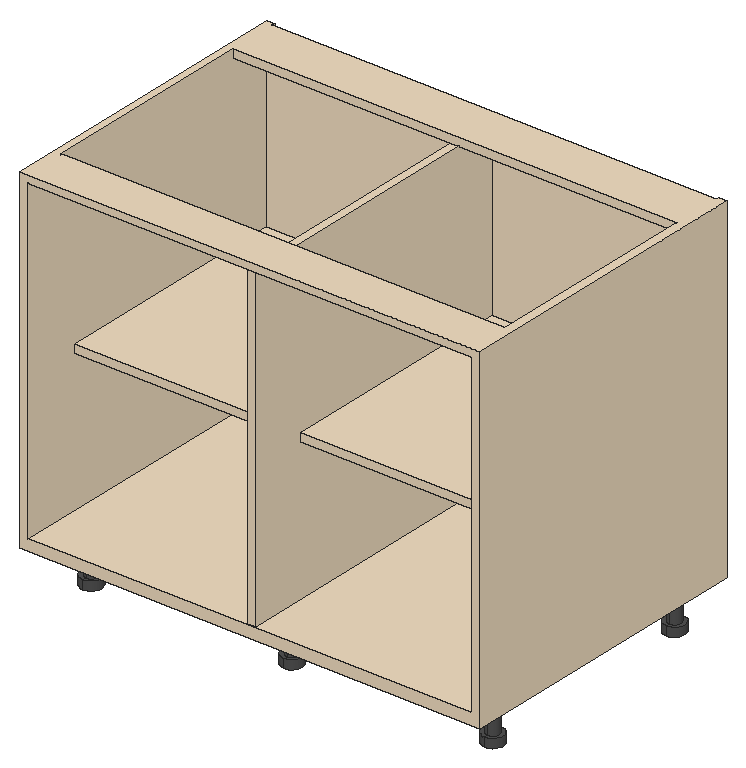
Revit family "Cabinet-Teknion-CEBO_Base_Cabinet_Open-R2022", category Furniture, Revit 2023
Family settings
  OmniClass Number = 23.40.20.00
  OmniClass Title = General Furniture and Specialties
  Work Plane-Based = No
  Enable Cutting in Views = No
  Always vertical = Yes
  Cut with Voids When Loaded = No
  Render Appearance Source = Family Geometry
  Shared = Yes
  Room Calculation Point = No
Parameters (values of type "29D,35H")
  Width [instance] = 42.000"
  Warranty = "http://www.teknion.com/ca/papers/legal-canada"
  Unit Weight URL = "http://www.teknion.com/ca/tools/assets#&asset=bee6a381-b954-425e-8283-5a2de3a804f2,f828d448-4b62-4231-9e5f-9a8991c0ed77"
  URL = "www.teknion.com"
  To render please download texture images found here [instance] = "https://assets.teknion.com/web/5e81352c1dfdb467/revit-material-swatches/"
  Sustainability Data = "https://www.teknion.com/ca/tools/assets#&topic=216f99a5-57a0-44fc-b10a-9dee9b29ae4c&asset=444deb64-fe58-4b68-981e-f75e97781df7,b4ff2d81-9f2e-437d-9659-7cffb09c31cf"
  Series = "Expansion Casework+"  # constant formula
  Pull Finish [instance] = Paint - Teknion - Mica - Sepia Bronze
  Product Page URL = "https://www.teknion.com/ca//products/product-details?productLineId=30ca1270-8e7a-673b-a6c8-ff05004460c4"
  Product Line = "Base Cabinets"  # constant formula
  Product Documentation Link = "https://www.teknion.com/pricing/expansion-casework/pdfs/CEBO_ppg.pdf"
  Part Number = "CEBO"  # constant formula
  Model = "CEBO29_35"
  Manufacturer Phone = "416-661-3370"  # constant formula
  Manufacturer Fax = "416.661.4586"  # constant formula
  Manufacturer Contact Information = "http://www.teknion.com/ca/contactus"
  Manufacturer Address = "1150 Flint Road, Toronto, ON. M3J 2J5. Canada"  # constant formula
  Manufacturer = "Teknion"  # constant formula
  How To Use Teknion Materials User Guide [instance] = "https://assets.teknion.com/m/205dd0a49fa58060/original/How-to-add-a-Material-Library-and-Texture-Images-to-your-Revit-project.pdf"
  Height = 35.000"
  Front Finish [instance] = Foundation Laminate - Teknion - 4E - Estate Cherry
  For Additional Finishes please visit [instance] = "https://assets.teknion.com/m/44a8009b046e5d47/original/Teknion_Materials_Library.zip"
  Divider [instance] = Width = 42.000"  # yes
  Description = "Base Cabinet – Open, 29D,35H"
  Default Elevation = 0.000"
  Center Foot [instance] = Width = 42.000"  # yes
  Case Finish [instance] = Source Laminate - Teknion - XM - Maple
  Available Width [instance] = "12\",15\",18\",21\",24\",27\",30\",33\",36\",42\""  # constant formula
  Assembly Code = "E2020200"
  Actual Depth = 30.024"
Types (5): name | Width | Pull Finish | Product Documentation Link | Model | Height | Front Finish | Divider | Description | Center Foot | Case Finish | Actual Depth
  (no name) | 42.000" | Paint - Teknion - Mica - Sepia Bronze | "https://www.teknion.com/pricing/expansion-casework/pdfs/CEBO_ppg.pdf" | "CEBO29_35" | 35.000" | Foundation Laminate - Teknion - 4E - Estate Cherry | yes | "Base Cabinet – Open, 29D,35H" | yes | Source Laminate - Teknion - XM - Maple | 30.024"
  29D,35H | 42.000" | Paint - Teknion - Mica - Sepia Bronze | "https://www.teknion.com/pricing/expansion-casework/pdfs/CEBO_ppg.pdf" | "CEBO29_35" | 35.000" | Foundation Laminate - Teknion - 4E - Estate Cherry | yes | "Base Cabinet – Open, 29D,35H" | yes | Source Laminate - Teknion - XM - Maple | 30.024"
  29D,32H | 12.000" | Paint - Teknion - Foundation - Ebony | "https://www.teknion.com/pricing/expansion-casework/pdfs/CEBO_ppg.pdf" | "CEBO29_32" | 32.000" | Foundation Laminate - Teknion - 3G - Atrium White | no | "Base Cabinet – Open, 29D,32H" | no | Source Laminate - Teknion - XM - Maple | 30.024"
  24D,35H | 12.000" | Paint - Teknion - Mica - Sepia Bronze | "https://www.teknion.com/pricing/expansion-casework/pdfs/CEBS_ppg.pdf" | "CEBO24_35" | 35.000" | Foundation Laminate - Teknion - 4E - Estate Cherry | no | "Base Cabinet – Open, 24D,35H" | no | Source Laminate - Teknion - XS - Storm White | 25.024"
  24D,32H | 12.000" | Paint - Teknion - Mica - Platinum | "https://www.teknion.com/pricing/expansion-casework/pdfs/CEBS_ppg.pdf" | "CEBO24_32" | 32.000" | Foundation Laminate - Teknion - HX - Costal Elm | no | "Base Cabinet – Open, 24D,32H" | no | Source Laminate - Teknion - RV - Very White | 25.024"
Reference planes (in)
  plane 1 "Center Front/Back": y = -15.01181
  plane 2: z = 0
  plane 3 "Center Left/Right": x = 21
  plane 4 "Left": x = 0
  plane 5 "Right": x = 42
  plane 6 "Back": y = 0.00019
  plane 7 "Front": y = -30.02381
  plane 8 "Top": z = 35
  plane 9: x = 2.64462
  plane 10: x = 39.35538
  plane 11: x = 10.5
  plane 12: x = 31.5
Forms (in)
  Revolve 1, solid, material "Paint - Teknion - Foundation - Ebony"
    sketch origin (2.64462, -1.66627, 48) x (0, 1, 0) y (0, 0, 1)
      loop
        line (-21.68825, -43.86614) -> (-21.68825, -48) -> (-20.74533, -48) -> (-20.74533, -47.2126) -> (-21.13711, -47.2126) -> (-21.13711, -44.88976) -> (-20.75104, -44.88976) -> (-20.75104, -43.86614) -> (-21.68825, -43.86614)
      axis (-21.68825, -48) -> (-21.68825, -43.86614)
    angle from 0 to 360
  Revolve 2, solid, material "Paint - Teknion - Foundation - Ebony"
    sketch origin (2.64462, -1.66627, 48) x (0, 1, 0) y (0, 0, 1)
      loop
        line (-1.87488, -48) -> (-0.93196, -48) -> (-0.93196, -43.86614) -> (-1.86917, -43.86614) -> (-1.86917, -44.88976) -> (-1.48296, -44.88976) -> (-1.48296, -47.2126) -> (-1.87488, -47.2126) -> (-1.87488, -48)
      axis (-0.93196, -43.86614) -> (-0.93196, -48)
    angle from 0 to 360
  Revolve 3, solid, material "Paint - Teknion - Foundation - Ebony", visible <- "Center Foot"
    sketch origin (21, -14.94971, 0) x (0, 1, 0) y (0, 0, 1)
      loop
        line (-7.46761, 4.13386) -> (-8.40481, 4.13386) -> (-8.40481, 0) -> (-7.4619, 0) -> (-7.4619, 0.7874) -> (-7.85368, 0.7874) -> (-7.85368, 3.11024) -> (-7.46761, 3.11024) -> (-7.46761, 4.13386)
      axis (-8.40481, 4.13386) -> (-8.40481, 0)
    angle from 0 to 360
  Revolve 4, solid, material "Paint - Teknion - Foundation - Ebony"
    sketch origin (39.35538, -1.66627, 48) x (0, 1, 0) y (0, 0, 1)
      loop
        line (-21.68825, -43.86614) -> (-21.68825, -48) -> (-20.74533, -48) -> (-20.74533, -47.2126) -> (-21.13711, -47.2126) -> (-21.13711, -44.88976) -> (-20.75104, -44.88976) -> (-20.75104, -43.86614) -> (-21.68825, -43.86614)
      axis (-21.68825, -43.86614) -> (-21.68825, -48)
    angle from 0 to 360
  Revolve 5, solid, material "Paint - Teknion - Foundation - Ebony"
    sketch origin (39.35538, 19.08373, 48) x (0, 1, 0) y (0, 0, 1)
      loop
        line (-21.68196, -43.86614) -> (-21.68196, -48) -> (-20.73905, -48) -> (-20.73905, -47.2126) -> (-21.13096, -47.2126) -> (-21.13096, -44.88976) -> (-20.74476, -44.88976) -> (-20.74476, -43.86614) -> (-21.68196, -43.86614)
      axis (-21.68196, -43.86614) -> (-21.68196, -48)
    angle from 0 to 360
  Sweep 6, solid, material "Source Laminate - Teknion - XM - Maple" <- "Case Finish"
    path origin (0, -15.01181, 0) x (1, 0, 0) y (0, 0, 1)
      loop
        line (21, 35) -> (21, 4.13386)
    profile origin (21, -15.01181, 19.56693) x (0, -1, 0) y (1, 0, 0)
      loop
        line (-15.012, 21) -> (-15.012, 20.29921) -> (13.1498, 20.29921) -> (13.1498, 21) -> (-15.012, 21)
      loop
        line (-15.012, -21) -> (13.1498, -21) -> (13.1498, -20.29921) -> (-15.012, -20.29921) -> (-15.012, -21)
  Sweep 7, solid, material "Source Laminate - Teknion - XM - Maple" <- "Case Finish"
    path origin (0, 0, 0) x (1, 0, 0) y (0, 1, 0)
      loop
        line (0.70079, -15.01181) -> (41.29921, -15.01181)
    profile origin (21, -15.01181, 0) x (0, 1, 0) y (0, 0, 1)
      loop
        line (-13.1498, 35) -> (-13.1498, 34.29921) -> (-9.37027, 34.29921) -> (-9.37027, 35) -> (-13.1498, 35)
      loop
        line (-13.1498, 5.14961) -> (-13.1498, 4.13386) -> (14.69704, 4.13386) -> (14.69704, 35) -> (10.21672, 35) -> (10.21672, 34.29921) -> (13.99625, 34.29921) -> (13.99625, 5.14961) -> (-13.1498, 5.14961)
  Sweep 8, solid, material "Source Laminate - Teknion - XM - Maple" <- "Case Finish", visible <- "Divider"
    path origin (0, -15.01181, 0) x (1, 0, 0) y (0, 0, 1)
      loop
        line (21, 34.29921) -> (21, 5.14961)
    profile origin (21, -15.01181, 19.72441) x (0, -1, 0) y (1, 0, 0)
      loop
        line (-13.99625, -0.35039) -> (12.95294, -0.35039) -> (12.95294, 0.35039) -> (-13.99625, 0.35039) -> (-13.99625, -0.35039)
  Sweep 9, solid, material "Source Laminate - Teknion - XM - Maple" <- "Case Finish"
    path origin (0, 0, 0) x (1, 0, 0) y (0, 1, 0)
      loop
        line (21, -1.01556) -> (21, -22.96476)
    profile origin (21, -11.99016, 0) x (1, 0, 0) y (0, 0, 1)
      loop
        line (-20.29921, 18.83465) -> (-20.29921, 18.13386) -> (20.29921, 18.13386) -> (20.29921, 18.83465) -> (-20.29921, 18.83465)
Cuts and joins
  joined: Sweep 6, Sweep 7
Lines and regions (in)
  Masking region 1
    outline origin (0, 0, 0) x (1, 0, 0) y (0, 1, 0)
      loop
        line (0, -28.16161) -> (42, -28.16161) -> (42, 0.00019) -> (41.29921, 0.00019) -> (41.29921, -0.31477) -> (0.70079, -0.31477) -> (0.70079, 0.00019) -> (0, 0.00019) -> (0, -28.16161)
  symbolic lines
    curve 1: line (0.70079, -4.79509, 0) -> (41.29921, -4.79509, 0)
    curve 2: line (0.70079, -24.38208, 0) -> (0.70079, -4.79509, 0)
    curve 3: line (41.29921, -24.38208, 0) -> (0.70079, -24.38208, 0)
    curve 4: line (41.29921, -4.79509, 0) -> (41.29921, -24.38208, 0)
  symbolic lines, style "FurnitureHiddenLines", visible <- "Divider", detail levels medium+fine
    curve 5: line (20.64961, -1.01556, 0) -> (20.64961, -4.79509, 0)
    curve 6: line (21.35039, -27.96476, 0) -> (21.35039, -24.38208, 0)
    curve 8: line (21.35039, -4.79509, 0) -> (21.35039, -1.01556, 0)
    curve 9: line (20.64961, -24.38208, 0) -> (20.64961, -27.96476, 0)
  symbolic lines, visible <- "Divider"
    curve 7: line (20.64961, -4.79509, 0) -> (20.64961, -24.38208, 0)
    curve 10: line (21.35039, -24.38208, 0) -> (21.35039, -4.79509, 0)
  symbolic lines, style "FurnitureHiddenLines", detail levels medium+fine
    curve 11: line (0.70079, -1.01556, 0) -> (41.29921, -1.01556, 0)
    curve 12: line (0.70079, -22.96476, 0) -> (0.70079, -1.01556, 0)
    curve 13: line (41.29921, -22.96476, 0) -> (0.70079, -22.96476, 0)
    curve 14: line (41.29921, -1.01556, 0) -> (41.29921, -22.96476, 0)
  symbolic lines, style "FurnitureHiddenLines", detail levels fine
    curve 15: arc (2.64462, -3.53544, 0) -> (1.70741, -2.59824, 0) -> (2.64462, -1.66103, 0) r 0.9372
    curve 16: arc (2.64462, -1.66103, 0) -> (3.58182, -2.59824, 0) -> (2.64462, -3.53544, 0) r 0.9372
    curve 17: arc (2.64462, -3.14924, 0) -> (2.09362, -2.59824, 0) -> (2.64462, -2.04724, 0) r 0.551
    curve 18: arc (2.64462, -2.04724, 0) -> (3.19562, -2.59824, 0) -> (2.64462, -3.14924, 0) r 0.551
    curve 19: arc (39.35538, -3.53544, 0) -> (38.41818, -2.59824, 0) -> (39.35538, -1.66103, 0) r 0.9372
    curve 20: arc (39.35538, -1.66103, 0) -> (40.29259, -2.59824, 0) -> (39.35538, -3.53544, 0) r 0.9372
    curve 21: arc (39.35538, -3.14924, 0) -> (38.80438, -2.59824, 0) -> (39.35538, -2.04724, 0) r 0.551
    curve 22: arc (39.35538, -2.04724, 0) -> (39.90638, -2.59824, 0) -> (39.35538, -3.14924, 0) r 0.551
    curve 23: arc (39.35538, -24.29172, 0) -> (38.41818, -23.35452, 0) -> (39.35538, -22.41731, 0) r 0.9372
    curve 24: arc (39.35538, -23.90565, 0) -> (38.80425, -23.35452, 0) -> (39.35538, -22.80339, 0) r 0.55113
    curve 25: arc (39.35538, -22.80339, 0) -> (39.90652, -23.35452, 0) -> (39.35538, -23.90565, 0) r 0.55113
    curve 26: arc (39.35538, -22.41731, 0) -> (40.29259, -23.35452, 0) -> (39.35538, -24.29172, 0) r 0.9372
    curve 27: arc (2.64462, -22.41731, 0) -> (1.70741, -23.35452, 0) -> (2.64462, -24.29172, 0) r 0.9372
    curve 28: arc (2.64462, -22.80339, 0) -> (2.09348, -23.35452, 0) -> (2.64462, -23.90565, 0) r 0.55113
    curve 29: arc (2.64462, -23.90565, 0) -> (3.19575, -23.35452, 0) -> (2.64462, -22.80339, 0) r 0.55113
    curve 30: arc (2.64462, -24.29172, 0) -> (3.58182, -23.35452, 0) -> (2.64462, -22.41731, 0) r 0.9372
  symbolic lines, style "FurnitureHiddenLines", visible <- "Center Foot", detail levels fine
    curve 31: arc (21, -22.41731, 0) -> (20.0628, -23.35452, 0) -> (21, -24.29172, 0) r 0.9372
    curve 32: arc (21, -22.80339, 0) -> (20.44887, -23.35452, 0) -> (21, -23.90565, 0) r 0.55113
    curve 33: arc (21, -23.90565, 0) -> (21.55113, -23.35452, 0) -> (21, -22.80339, 0) r 0.55113
    curve 34: arc (21, -24.29172, 0) -> (21.9372, -23.35452, 0) -> (21, -22.41731, 0) r 0.9372
Dimensions and locks (in)
  "Width": plane 4 "Left" to plane 5 "Right"
  "Actual Depth": plane 6 "Back" to plane 7 "Front"
  "Height": plane 8 "Top" to level
  equal spacing: plane 4 "Left", plane 3 "Center Left/Right", plane 5 "Right"
  equal spacing: plane 6 "Back", plane 1 "Center Front/Back", plane 7 "Front"
  locked: plane 4 "Left" to plane 9 at 2.64462
  locked: plane 10 to plane 5 "Right" at 2.64462
  locked: plane 7 "Front" to Revolve 1 sketch curve at 6.66929
  Revolve 1 sketch curve to Revolve 1 sketch curve to Revolve 1 sketch curve to Revolve 1 sketch curve = 1.02362" locked, 2.32283" locked, 0.7874" locked
  locked: Revolve 1 sketch curve to Revolve 1 sketch curve at 0.55113
  locked: Revolve 2 sketch curve to plane 6 "Back" at 2.59843
  Revolve 2 sketch curve to Revolve 2 sketch curve to Revolve 2 sketch curve to Revolve 2 sketch curve = 1.02362" locked, 2.32283" locked, 0.7874" locked
  Revolve 2 sketch curve to Revolve 2 sketch curve to Revolve 2 sketch curve to Revolve 2 sketch curve = 0.00571" locked, 0.3862" locked, 0.551" locked
  Revolve 3 sketch curve to Revolve 3 sketch curve to Revolve 3 sketch curve to Revolve 3 sketch curve = 0.55113" locked, 0.38607" locked, 0.00571" locked
  locked: plane 7 "Front" to Revolve 3 sketch curve at 6.66929
  Revolve 3 sketch curve to Revolve 3 sketch curve to Revolve 3 sketch curve = 1.02362" locked, 2.32283" locked
  locked: plane 7 "Front" to Revolve 4 sketch curve at 6.66929
  Revolve 4 sketch curve to Revolve 4 sketch curve to Revolve 4 sketch curve to Revolve 4 sketch curve = 0.55113" locked, 0.38607" locked, 0.00571" locked
  Revolve 5 sketch curve to Revolve 5 sketch curve to Revolve 5 sketch curve to Revolve 5 sketch curve = 0.551" locked, 0.3862" locked, 0.00571" locked
  locked: Revolve 5 sketch curve to plane 6 "Back" at 2.59843
  locked: plane 7 "Front" to Sweep 6 sketch curve at 1.8622  (x2)
  locked: Sweep 6 sketch curve to Sweep 6 sketch curve at 0.70079  (x2)
  locked: Sweep 7 sketch curve to Sweep 7 sketch curve at 0.70079  (x2)
  locked: Sweep 7 sketch curve to Sweep 7 sketch curve at 1.01575
  Sweep 7 sketch curve to Sweep 7 sketch curve to plane 6 "Back" = 0.70079" locked, 0.31496" locked
  locked: Sweep 7 sketch curve to Sweep 7 sketch curve at 3.77953
  Sweep 8 sketch curve to plane 3 "Center Left/Right" to Sweep 8 sketch curve = 0.35039" locked, 0.35039" locked
  locked: plane 7 "Front" to Sweep 8 sketch curve at 2.05906
  Sweep 9 sketch curve to Sweep 9 sketch curve to plane 2 = 0.70079" locked, 18.13386" locked
  equal spacing: plane 4 "Left", plane 11, plane 3 "Center Left/Right"
  equal spacing: plane 3 "Center Left/Right", plane 12, plane 5 "Right"
  locked: Sweep 9 sketch curve to Sweep 9 sketch curve at 21.9492
  aligned and locked: level to plane 2
  aligned and locked: plane 2 to Revolve 1 sketch curve  (x2)
  aligned and locked: Revolve 1 sketch curve to Revolve 1 sketch curve
  aligned and locked: plane 2 to Revolve 2 sketch curve
  aligned and locked: Revolve 2 sketch curve to plane 2
  aligned and locked: Revolve 2 sketch curve to Revolve 2 sketch curve
  aligned and locked: plane 2 to Revolve 3 sketch curve
  aligned and locked: Revolve 1 to Revolve 3 sketch curve
  aligned and locked: Revolve 3 sketch curve to Revolve 1  (x2)
  aligned and locked: Revolve 3 sketch curve to Revolve 3 sketch curve
  aligned and locked: plane 2 to Revolve 4 sketch curve
  aligned and locked: Revolve 3 to Revolve 4 sketch curve
  aligned and locked: Revolve 4 sketch curve to Revolve 4 sketch curve
  aligned and locked: Revolve 4 sketch curve to plane 2
  aligned and locked: Revolve 4 sketch curve to Revolve 3  (x3)
  aligned and locked: Revolve 5 sketch curve to plane 2
  aligned and locked: Revolve 5 sketch curve to Revolve 5 sketch curve
  aligned and locked: Revolve 5 sketch curve to Revolve 2  (x2)
  aligned and locked: Revolve 2 to Revolve 5 sketch curve
  aligned and locked: Sweep 6 sketch curve to plane 3 "Center Left/Right"
  aligned and locked: Sweep 6 sketch curve to Revolve 3
  aligned and locked: plane 8 "Top" to Sweep 6 sketch curve
  aligned and locked: plane 4 "Left" to Sweep 6 sketch curve
  aligned and locked: Sweep 6 sketch curve to plane 6 "Back"
  aligned and locked: plane 6 "Back" to Sweep 6 sketch curve
  aligned and locked: Sweep 6 sketch curve to plane 5 "Right"
  aligned and locked: plane 1 "Center Front/Back" to Sweep 7 sketch curve
  aligned and locked: Sweep 6 to Sweep 7 sketch curve  (x2)
  aligned and locked: Sweep 7 sketch curve to plane 8 "Top"  (x2)
  aligned and locked: Sweep 7 sketch curve to Sweep 6  (x3)
  aligned and locked: Sweep 8 sketch curve to plane 3 "Center Left/Right"
  aligned and locked: cut or joined group of Sweep 6, Sweep 7 to Sweep 8 sketch curve  (x3)
  aligned and locked: Sweep 9 sketch curve to plane 3 "Center Left/Right"
  aligned and locked: cut or joined group of Sweep 6, Sweep 7 to Sweep 9 sketch curve  (x3)
  aligned and locked: Masking region 1 sketch curve to cut or joined group of Sweep 6, Sweep 7  (x5)
  aligned and locked: plane 6 "Back" to Masking region 1 sketch curve
  aligned and locked: cut or joined group of Sweep 6, Sweep 7 to Masking region 1 sketch curve
  aligned and locked: curve 1 to cut or joined group of Sweep 6, Sweep 7
  aligned and locked: cut or joined group of Sweep 6, Sweep 7 to curve 2
  aligned and locked: curve 3 to cut or joined group of Sweep 6, Sweep 7
  aligned and locked: cut or joined group of Sweep 6, Sweep 7 to curve 4
  aligned and locked: curve 5 to Sweep 8
  aligned and locked: curve 6 to Sweep 8
  aligned and locked: curve 11 to cut or joined group of Sweep 6, Sweep 7
  aligned and locked: cut or joined group of Sweep 6, Sweep 7 to curve 12
  aligned and locked: curve 13 to Sweep 9
  aligned and locked: curve 14 to curve 4
  aligned and locked: curve 15 to Revolve 2
  aligned and locked: curve 16 to Revolve 2
  aligned and locked: curve 17 to Revolve 2
  aligned and locked: curve 18 to Revolve 2
  aligned and locked: curve 19 to Revolve 5
  aligned and locked: curve 20 to Revolve 5
  aligned and locked: curve 21 to Revolve 5
  aligned and locked: curve 22 to Revolve 5
  aligned and locked: curve 23 to Revolve 4
  aligned and locked: curve 24 to Revolve 4
  aligned and locked: curve 25 to Revolve 4
  aligned and locked: curve 26 to Revolve 4
  aligned and locked: curve 27 to Revolve 1
  aligned and locked: curve 28 to Revolve 1
  aligned and locked: curve 29 to Revolve 1
  aligned and locked: curve 30 to Revolve 1
  aligned and locked: curve 31 to Revolve 3
  aligned and locked: curve 32 to Revolve 3
  aligned and locked: curve 33 to Revolve 3
  aligned and locked: curve 34 to Revolve 3
Automatic sketch dimensions
  curve 9 to plane 3 "Center Left/Right" = 0.35039"
  curve 7 to curve 5 = 0.000"
  plane 3 "Center Left/Right" to curve 10 = 0.35039"
  plane 3 "Center Left/Right" to curve 8 = 0.35039"
  curve 6 to plane 7 "Front" = 2.05906"
  curve 9 to curve 6 = 0.000"
  Revolve 1 sketch curve to Revolve 1 sketch curve = 0.9372"
  Revolve 1 sketch curve to Revolve 1 sketch curve = 0.39178"
  Revolve 1 sketch curve to Revolve 1 sketch curve = 0.000"
  Revolve 2 sketch curve to Revolve 2 sketch curve = 0.000"
  Revolve 5 sketch curve to level = 0.000"
  Revolve 5 sketch curve to Revolve 5 sketch curve = 0.000"
  Sweep 7 sketch curve to Sweep 7 sketch curve = 3.77953"
  Masking region 1 sketch curve to plane 6 "Back" = 0.000"
